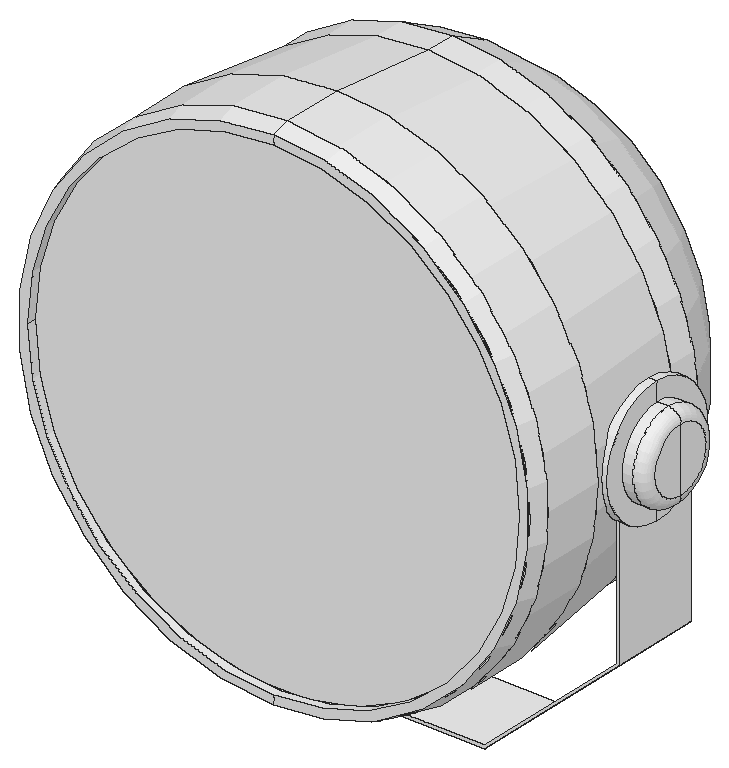
Revit family "Lighting-Accent-Acclaim-Dyna Drum SO QA QW", category Lighting Fixtures, host Face, Revit 2014
Parameters
  Width = 0' - 9"
  Wattage = 9.2903 W
  built-in parameter 1150110 = 1 (stored number, unit not read)
  Voltage = 0 V
  URL = "http://www.acclaimlighting.com/"
  built-in parameter 1114217 = 1 (stored number, unit not read)
  Tilt Angle = -90.00°
  built-in parameter 1150109 = 1 (stored number, unit not read)
  built-in parameter 1150134 = 3
  built-in parameter 1150113 = 1 (stored number, unit not read)
  Power Factor = 1
  Photometric Web File = "generic"
  Number of Poles = 1
  built-in parameter 1150142 = (empty or 0)
  Model = "Dyna Drum SO QA QW"
  Manufacturer = "Acclaim Lighting"
  built-in parameter 1150105 = 109.82 (stored number, unit not read)
  Lumens = 1380 lm
  built-in parameter 1150115 = 1 (stored number, unit not read)
  built-in parameter 1150137 = (empty or 0)
  built-in parameter 1150139 = (empty or 0)
  built-in parameter 1150112 = 1 (stored number, unit not read)
  built-in parameter 1150114 = 1 (stored number, unit not read)
  Lamp = "LED"
  built-in parameter 1150132 = (empty or 0)
  built-in parameter 1150102 = (empty or 0)
  built-in parameter 1150107 = 3200 (stored number, unit not read)
  built-in parameter 1150138 = (empty or 0)
  built-in parameter 1150106 = 1.0982 (stored number, unit not read)
  Housing Finish = Aluminum
  Emit from Circle Diameter = 0' - 10"
  Emit Shape Visible in Rendering = no
  built-in parameter 1150104 = 13.8 (stored number, unit not read)
  Dimming Lamp Color Temperature Shift = <None>
  Description = "Accent Fixture"
  Default Elevation = 4' - 0"
  Color Filter = 16777215
  built-in parameter 1114218 = 1 (stored number, unit not read)
  built-in parameter 1150133 = 10 (stored number, unit not read)
  Apparent Load = 0 VA
Reference planes (in)
  plane 1 "Center (Front/Back)": y = 0
  plane 2: z = 0
  plane 3 "Center (Left/Right)": x = 0
  plane 4: x = -19.69922
  plane 5: x = 19.69922
  plane 6: x = 0
  plane 7: z = 6.45
  plane 8: z = 12.5
Forms (in)
  Revolve 1, solid, material "Aluminum" <- "Housing Finish"
    sketch origin (0, 0, -2.75) x (0, 1, 0) y (0, 0, 1)
      loop
        line (-3.25, 14.766) -> (-3.25, 9.2) -> (4.5, 9.2) -> (4.5, 11.68248)
        arc (4.5, 11.68248) -> (3.35715, 13.42253) -> (1.6171, 14.56538) r 5.13155
        line (1.6171, 14.56538) -> (0.97615, 14.56538) -> (-1.50521, 14.87005) -> (-2.86168, 14.87005) -> (-3.25, 14.766)
      axis (-3.25, 9.2) -> (4.5, 9.2)
    angle from 0 to 360
  Revolve 2, solid, material "Aluminum" <- "Housing Finish"
    sketch origin (0, 0, 0) x (1, 0, 0) y (0, 0, 1)
      loop
        line (6.26337, 6.43659) -> (6.26337, 7.13224)
        arc (6.26337, 7.13224) -> (6.18556, 7.32009) -> (5.99771, 7.3979) r 0.26565
        line (5.99771, 7.3979) -> (5.74771, 7.3979) -> (5.74771, 7.7996) -> (5.56494, 7.7996) -> (5.56494, 6.43659) -> (6.26337, 6.43659)
      axis (5.56494, 6.43659) -> (6.26337, 6.43659)
    angle from 0 to 360
  Extrusion 3, solid, material "Aluminum" <- "Housing Finish"
    sketch origin (0, 0, 0) x (1, 0, 0) y (0, 0, 1)
      loop
        line (-5.71032, 5.5923) -> (-5.71032, 2.6548) -> (-2.7664, 0) -> (0, 0) -> (2.7664, 0) -> (5.71032, 2.6548) -> (5.71032, 5.5923) -> (5.64782, 5.5923) -> (5.64782, 2.66865) -> (2.75784, 0.0625) -> (0, 0.0625) -> (-2.75784, 0.0625) -> (-5.64782, 2.66865) -> (-5.64782, 5.5923) -> (-5.71032, 5.5923)
    from -0.97615 to 0.95624
  Revolve 4, solid, material "Aluminum" <- "Housing Finish"
    sketch origin (0, 0, 0) x (-1, 0, 0) y (0, 0, 1)
      loop
        line (6.26337, 6.43659) -> (6.26337, 7.13224)
        arc (6.26337, 7.13224) -> (6.18556, 7.32009) -> (5.99771, 7.3979) r 0.26565
        line (5.99771, 7.3979) -> (5.74771, 7.3979) -> (5.74771, 7.7996) -> (5.56494, 7.7996) -> (5.56494, 6.43659) -> (6.26337, 6.43659)
      axis (5.56494, 6.43659) -> (6.26337, 6.43659)
    angle from 0 to 360
  Extrusion 5, void
    sketch origin (0, 0, 0) x (1, 0, 0) y (0, 0, 1)
      loop
        circle (0, 6.45) r 5.36538
    from 3.06035 to 3.25
Cuts and joins
  Extrusion 5 cuts Revolve 1
Dimensions and locks (in)
  equal spacing: plane 4, plane 3 "Center (Left/Right)", plane 5
  plane 4 to plane 5 = 3' - 3 51/128"
  equal spacing: plane 5, plane 3 "Center (Left/Right)", plane 4
  plane 5 to plane 4 = 3' - 3 51/128"
  aligned and locked: plane 2 to host face
  aligned and locked: level to host face
  aligned and locked: imposter light to Extrusion 5
Automatic sketch dimensions
  host sketch curve to host sketch curve = 8' - 0"  (x2)
  Revolve 1 sketch curve to plane 7 = 0' - 0"  (x2)
  Revolve 1 sketch curve to plane 8 = 0' - 0.484"
  plane 1 "Center (Front/Back)" to Revolve 1 sketch curve = 0' - 3 1/4"
  Revolve 1 sketch curve to plane 8 = 0' - 0.37995"
  Revolve 1 sketch curve to Revolve 1 sketch curve = 0' - 0.38832"
  Revolve 1 sketch curve to Revolve 1 sketch curve = 0' - 1.35647"
  plane 1 "Center (Front/Back)" to Revolve 1 sketch curve = 0' - 0.27141"
  Revolve 1 sketch curve to plane 1 "Center (Front/Back)" = 0' - 0.97615"
  Revolve 1 sketch curve to Revolve 1 sketch curve = 0' - 0.64095"
  Revolve 1 sketch curve to plane 1 "Center (Front/Back)" = 0' - 4 1/2"
  plane 7 to Revolve 1 sketch curve = 0' - 0.59397"
  Revolve 1 sketch curve to Revolve 1 sketch curve = 0' - 2.48248"
  Revolve 1 sketch curve to Revolve 1 sketch curve = 0' - 0"
  Revolve 1 sketch curve to Revolve 1 sketch curve = 0' - 4"
  plane 7 to Revolve 2 sketch curve = 0' - 1.3496"
  plane 3 "Center (Left/Right)" to Revolve 2 sketch curve = 0' - 5.56494"
  Revolve 2 sketch curve to Revolve 2 sketch curve = 0' - 0.18277"
  Revolve 2 sketch curve to Revolve 2 sketch curve = 0' - 0 1/4"
  Revolve 2 sketch curve to plane 7 = 0' - 0.01341"  (x2)
  Revolve 2 sketch curve to Revolve 2 sketch curve = 0' - 0.69842"
  plane 7 to Revolve 2 sketch curve = 0' - 0.68224"
  Revolve 2 sketch curve to Revolve 2 sketch curve = 0' - 0"
  Revolve 2 sketch curve to Revolve 2 sketch curve = 0' - 1.14997"
  Revolve 4 sketch curve to plane 7 = 0' - 1.3496"
  plane 3 "Center (Left/Right)" to Revolve 4 sketch curve = 0' - 5.56494"
  Revolve 4 sketch curve to Revolve 4 sketch curve = 0' - 0.18277"
  Revolve 4 sketch curve to Revolve 4 sketch curve = 0' - 0 1/4"
  plane 7 to Revolve 4 sketch curve = 0' - 0.01341"  (x2)
  Revolve 4 sketch curve to Revolve 4 sketch curve = 0' - 0.69842"
  Revolve 4 sketch curve to plane 7 = 0' - 0.68224"
  Revolve 4 sketch curve to Revolve 4 sketch curve = 0' - 0"
  Revolve 4 sketch curve to Revolve 4 sketch curve = 0' - 1.14997"
  Extrusion 3 sketch curve to level = 0' - 0"
  Extrusion 3 sketch curve to plane 3 "Center (Left/Right)" = 0' - 0"  (x2)
  level to Extrusion 3 sketch curve = 0' - 0 1/16"
  Extrusion 3 sketch curve to Extrusion 3 sketch curve = 0' - 2.75784"
  Extrusion 3 sketch curve to Extrusion 3 sketch curve = 0' - 0.00856"  (x2)
  level to Extrusion 3 sketch curve = 0' - 2.66865"
  Extrusion 3 sketch curve to Extrusion 3 sketch curve = 0' - 2.88999"  (x2)
  Extrusion 3 sketch curve to Extrusion 3 sketch curve = 0' - 0 1/16"  (x2)
  plane 3 "Center (Left/Right)" to Extrusion 3 sketch curve = 0' - 2.75784"
  Extrusion 3 sketch curve to Extrusion 3 sketch curve = 0' - 0.01386"  (x2)
  level to Extrusion 3 sketch curve = 0' - 2.6548"
  Extrusion 3 sketch curve to plane 7 = 0' - 0.8577"  (x2)
  Extrusion 5 sketch curve to plane 3 "Center (Left/Right)" = 0' - 0"
  Extrusion 5 sketch curve to plane 7 = 0' - 0"
  radius of Extrusion 5 sketch curve = 0' - 5.36538"
